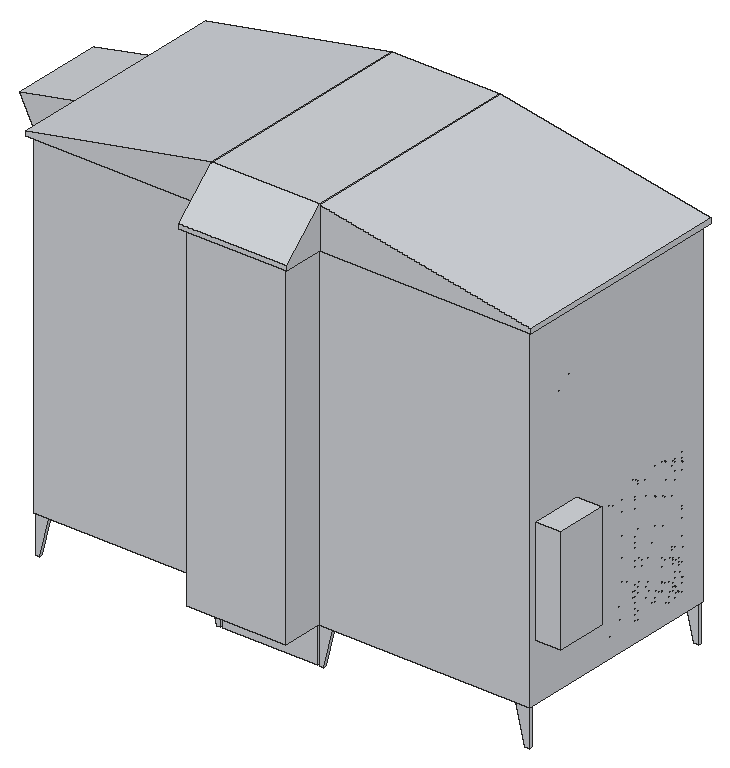
Revit family "AHU 6 _6", category Mechanické zařízení, Revit 2018
Family settings
  Kóta kulaté spojky = Použít průměr
  Typ dílu = Normální
  Číslo OmniClass = 23.75.00.00
  Nadpis OmniClass = Climate Control (HVAC)
  Založené na pracovní rovině = Ne
  Vždy vertikální = Ano
  Ořezat dutým tvarem při načtení = Ne
  Sdílené = Ne
  Bod výpočtu místnosti = Ne
Parameters (values of type "DUPLEXVENT 8000 Rotary-N")
  Width [instance] = 1.6 mm
  Weight [instance] = 1025.00 kg
  URL = ""
  Type [instance] = "DUPLEXVENT 8000 Rotary-N"
  Total_SFP [instance] = 0
  Supply_outlet_hum [instance] = 90
  Supply_inlet_hum [instance] = 90
  Supply_ext_pressure [instance] = 0.0 Pa
  Supply_SFP [instance] = 0
  Source_adu_file [instance] = ""
  Recuperation_type [instance] = "Rotation regeneration exchanger"
  Recuperation_efficiency_EN308 [instance] = 0
  Project_name [instance] = ""
  Project_date [instance] = "10.8.2023"
  Power_supply_fusing [instance] = "0"
  Power_supply_cable [instance] = "0"
  Position [instance] = "AHU 6 "
  Phases_count [instance] = 3
  Panel_thickness [instance] = 0.06 mm
  Outer_surface [instance] = "RAL 9002"
  Length [instance] = 2.665 mm
  Insulation_type [instance] = "PUR"
  Insulation_thickness [instance] = 0.05 mm
  Installation_environment [instance] = ""
  Input_power_max [instance] = 10400 W
  Inner_surface [instance] = "Pozink"
  I2 [instance] = I1  # 0.0 L/s
  Height [instance] = 1.82 mm
  Exhaust_outlet_hum [instance] = 40
  Exhaust_inlet_hum [instance] = 40
  Exhaust_ext_pressure [instance] = 0.0 Pa
  Exhaust_SFP [instance] = 0
  E1 [instance] = E2 - M1  # 0.0 L/s
  E2 [instance] = 0.0 L/s
  I1 [instance] = 0.0 L/s
  Description = ""
  M1 [instance] = 0.0 L/s
  Device_dutypoint_version [instance] = "0"
  Device_design_version [instance] = "10"
  Device_adu_id [instance] = "6"
  Current_max [instance] = 16.8 A
  Casing_mat [instance] = "painted zinc layer"
  Cable type [instance] = "CYKY 5Jx4"
Reference planes
  plane 1 "Střed (vpředu/vzadu)": y = 0
  plane 2 "ref": z = 0
  plane 3 "Střed (vlevo/vpravo)": x = 0
Forms (mm)
  Sweep 1, solid
    path origin (0, 0, 0) x (0, 0, 1) y (1, 0, 0)
      loop
        line (0, 0) -> (1820, 0)
    profile origin (0, 0, 0) x (1, 0, 0) y (0, 1, 0)
      loop
        line (0, 0) -> (1000, 0) -> (1000, 1160) -> (0, 1160) -> (0, 0)
  Sweep 2, solid
    path origin (0, 0, 0) x (0, 0, 1) y (1, 0, 0)
      loop
        line (0, 0) -> (1820, 0)
    profile origin (0, 0, 0) x (1, 0, 0) y (0, 1, 0)
      loop
        line (1000, -220) -> (1530, -220) -> (1530, 1380) -> (1000, 1380) -> (1000, -220)
  Sweep 3, solid
    path origin (0, 0, 0) x (0, 0, 1) y (1, 0, 0)
      loop
        line (0, 0) -> (1820, 0)
    profile origin (0, 0, 0) x (1, 0, 0) y (0, 1, 0)
      loop
        line (1530, 0) -> (2665, 0) -> (2665, 1160) -> (1530, 1160) -> (1530, 0)
  Sweep 4, solid
    path origin (1333, 1185, 910) x (1, 0, 0) y (0, 1, 0)
      loop
        line (0, 0) -> (0, -1210)
    profile origin (1333, 1185, 910) x (1, 0, 0) y (0, 0, 1)
      loop
        line (-1357, 910) -> (-357, 910) -> (-357, 1135) -> (-1357, 935) -> (-1357, 910)
  Sweep 5, solid
    path origin (975, 580, 910) x (1, 0, 0) y (0, 1, 0)
      loop
        line (0, 0) -> (580, 0)
    profile origin (975, 580, 910) x (0, 1, 0) y (0, 0, 1)
      loop
        line (-825, 910) -> (825, 910) -> (825, 935) -> (605, 1135) -> (-605, 1135) -> (-825, 935) -> (-825, 910)
  Sweep 6, solid
    path origin (1333, 1185, 910) x (1, 0, 0) y (0, 1, 0)
      loop
        line (0, 0) -> (0, -1210)
    profile origin (1333, 1185, 910) x (1, 0, 0) y (0, 0, 1)
      loop
        line (1357, 910) -> (1357, 935) -> (223, 1135) -> (223, 910) -> (1357, 910)
  Sweep 7, solid
    path origin (-250, 1030, 1375) x (1, 0, 0) y (0, 1, 0)
      loop
        line (0, 0) -> (0, -500)
    profile origin (-250, 1030, 1375) x (1, 0, 0) y (0, 0, 1)
      loop
        line (249, 350) -> (-250, 245) -> (50, -350) -> (250, -350) -> (249, 350)
  Sweep 8, solid
    path origin (0, 780, 1375) x (0, 1, 0) y (-1, 0, 0)
      loop
        line (0, 0) -> (0, 1)
    profile origin (0, 780, 1375) x (0, -1, 0) y (0, 0, 1)
      loop
        line (-250, -350) -> (250, -350) -> (250, 350) -> (-250, 350) -> (-250, -350)
  Sweep 9, solid
    path origin (2664, 580, 1370) x (1, 0, 0) y (0, 1, 0)
      loop
        line (0, 0) -> (1, 0)
    profile origin (2664, 580, 1370) x (0, 1, 0) y (0, 0, 1)
      loop
        line (-450, 355) -> (-450, -355) -> (450, -355) -> (450, 355) -> (-450, 355)
  Sweep 10, solid
    path origin (2664, 780, 445) x (1, 0, 0) y (0, 1, 0)
      loop
        line (0, 0) -> (1, 0)
    profile origin (2664, 780, 445) x (0, 1, 0) y (0, 0, 1)
      loop
        line (-250, 350) -> (-250, -350) -> (250, -350) -> (250, 350) -> (-250, 350)
  Sweep 11, solid
    path origin (245, 1159, 450) x (0, 1, 0) y (-1, 0, 0)
      loop
        line (0, 0) -> (1, 0)
    profile origin (245, 1159, 450) x (-1, 0, 0) y (0, 0, 1)
      loop
        line (150, -355) -> (150, 355) -> (-150, 355) -> (-150, -355) -> (150, -355)
  Sweep 12, solid
    path origin (17, 20, 0) x (1, 0, 0) y (0, 1, 0)
      loop
        line (0, 0) -> (0, -15)
    profile origin (17, 20, 0) x (1, 0, 0) y (0, 0, 1)
      loop
        line (-11, 0) -> (-11, -200) -> (11, -200) -> (60, 0) -> (-11, 0)
  Sweep 13, solid
    path origin (989, 20, 0) x (1, 0, 0) y (0, 1, 0)
      loop
        line (0, 0) -> (0, -15)
    profile origin (989, 20, 0) x (1, 0, 0) y (0, 0, 1)
      loop
        line (-60, 0) -> (-11, -200) -> (11, -200) -> (11, 0) -> (-60, 0)
  Sweep 14, solid
    path origin (17, 1155, 0) x (1, 0, 0) y (0, 1, 0)
      loop
        line (0, 0) -> (0, -15)
    profile origin (17, 1155, 0) x (1, 0, 0) y (0, 0, 1)
      loop
        line (-11, 0) -> (-11, -200) -> (11, -200) -> (60, 0) -> (-11, 0)
  Sweep 15, solid
    path origin (989, 1155, 0) x (1, 0, 0) y (0, 1, 0)
      loop
        line (0, 0) -> (0, -15)
    profile origin (989, 1155, 0) x (1, 0, 0) y (0, 0, 1)
      loop
        line (-60, 0) -> (-11, -200) -> (11, -200) -> (11, 0) -> (-60, 0)
  Sweep 16, solid
    path origin (1265, 66, 0) x (1, 0, 0) y (0, 1, 0)
      loop
        line (0, 0) -> (0, -58)
    profile origin (1265, 66, 0) x (1, 0, 0) y (0, 0, 1)
      loop
        line (-256, 0) -> (-256, -200) -> (256, -200) -> (256, 0) -> (-256, 0)
  Sweep 17, solid
    path origin (1265, 1153, 0) x (1, 0, 0) y (0, 1, 0)
      loop
        line (0, 0) -> (0, -58)
    profile origin (1265, 1153, 0) x (1, 0, 0) y (0, 0, 1)
      loop
        line (-256, 0) -> (-256, -200) -> (256, -200) -> (256, 0) -> (-256, 0)
  Sweep 18, solid
    path origin (1542, 20, 0) x (1, 0, 0) y (0, 1, 0)
      loop
        line (0, 0) -> (0, -15)
    profile origin (1542, 20, 0) x (1, 0, 0) y (0, 0, 1)
      loop
        line (-11, 0) -> (-11, -200) -> (11, -200) -> (60, 0) -> (-11, 0)
  Sweep 19, solid
    path origin (2648, 20, 0) x (1, 0, 0) y (0, 1, 0)
      loop
        line (0, 0) -> (0, -15)
    profile origin (2648, 20, 0) x (1, 0, 0) y (0, 0, 1)
      loop
        line (-60, 0) -> (-11, -200) -> (11, -200) -> (11, 0) -> (-60, 0)
  Sweep 20, solid
    path origin (1542, 1155, 0) x (1, 0, 0) y (0, 1, 0)
      loop
        line (0, 0) -> (0, -15)
    profile origin (1542, 1155, 0) x (1, 0, 0) y (0, 0, 1)
      loop
        line (-11, 0) -> (-11, -200) -> (11, -200) -> (60, 0) -> (-11, 0)
  Sweep 21, solid
    path origin (2648, 1155, 0) x (1, 0, 0) y (0, 1, 0)
      loop
        line (0, 0) -> (0, -15)
    profile origin (2648, 1155, 0) x (1, 0, 0) y (0, 0, 1)
      loop
        line (-60, 0) -> (-11, -200) -> (11, -200) -> (11, 0) -> (-60, 0)
  Sweep 22, solid
    path origin (0, 0, 310) x (0, 0, 1) y (1, 0, 0)
      loop
        line (0, 0) -> (570, 0)
    profile origin (0, 0, 310) x (1, 0, 0) y (0, 1, 0)
      loop
        line (2665, 35) -> (2805, 35) -> (2805, 310) -> (2665, 310) -> (2665, 35)
  Sweep 23, solid
    path origin (2735, 172, 310) x (0, -1, 0) y (0, 0, 1)
      loop
        line (0, 0) -> (0, -1)
    profile origin (2735, 172, 310) x (-1, 0, 0) y (0, -1, 0)
      loop
        circle (0, 0) r 10
Lines and regions (mm)
  model lines, style "Symbol"
    curve 1: line (1265, -220, 0) -> (1265, -220, 364)
    curve 2: line (1265, -220, 1820) -> (1265, -220, 1456)
    curve 3: line (1000, -220, 910) -> (1530, -220, 910)
    curve 4: line (0, 0, 910) -> (1000, 0, 910)
    curve 5: line (2665, 0, 910) -> (1530, 0, 910)
    curve 6: line (1053, -220, 91) -> (1053, -220, 1729)
    curve 7: line (1053, -220, 1729) -> (1477, -220, 1729)
    curve 8: line (1477, -220, 1729) -> (1477, -220, 91)
    curve 9: line (1477, -220, 91) -> (1053, -220, 91)
    curve 10: line (1053, -220, 910) -> (1477, -220, 910)
    curve 11: line (1429, -220, 740) -> (1412, -220, 582)
    curve 12: line (1412, -220, 582) -> (1385, -220, 447)
    curve 13: line (1385, -220, 447) -> (1350, -220, 343)
    curve 14: line (1350, -220, 343) -> (1309, -220, 277)
    curve 15: line (1309, -220, 277) -> (1265, -220, 255)
    curve 16: line (1265, -220, 255) -> (1221, -220, 277)
    curve 17: line (1221, -220, 277) -> (1180, -220, 343)
    curve 18: line (1180, -220, 343) -> (1145, -220, 447)
    curve 19: line (1145, -220, 447) -> (1118, -220, 582)
    curve 20: line (1118, -220, 582) -> (1101, -220, 740)
    curve 21: line (1101, -220, 740) -> (1095, -220, 910)
    curve 22: line (1095, -220, 910) -> (1101, -220, 1080)
    curve 23: line (1101, -220, 1080) -> (1118, -220, 1238)
    curve 24: line (1118, -220, 1238) -> (1145, -220, 1373)
    curve 25: line (1145, -220, 1373) -> (1180, -220, 1477)
    curve 26: line (1180, -220, 1477) -> (1221, -220, 1543)
    curve 27: line (1221, -220, 1543) -> (1265, -220, 1565)
    curve 28: line (1265, -220, 1565) -> (1309, -220, 1543)
    curve 29: line (1309, -220, 1543) -> (1350, -220, 1477)
    curve 30: line (1350, -220, 1477) -> (1385, -220, 1373)
    curve 31: line (1385, -220, 1373) -> (1412, -220, 1238)
    curve 32: line (1412, -220, 1238) -> (1429, -220, 1080)
    curve 33: line (1429, -220, 1080) -> (1369, -220, 1260)
    curve 34: line (1429, -220, 1080) -> (1437, -220, 1276)
    curve 35: line (2265, 0, 1495) -> (2556, 0, 1445)
    curve 36: line (2265, 0, 1235) -> (2556, 0, 1285)
    curve 37: line (400, 0, 325) -> (109, 0, 375)
    curve 38: line (400, 0, 585) -> (109, 0, 535)
    curve 39: line (320, 0, 1092) -> (320, 0, 1638)
    curve 40: line (320, 0, 1638) -> (480, 0, 1638)
    curve 41: line (480, 0, 1638) -> (480, 0, 1092)
    curve 42: line (480, 0, 1092) -> (320, 0, 1092)
    curve 43: line (400, 0, 1092) -> (480, 0, 1365)
    curve 44: line (400, 0, 1638) -> (480, 0, 1365)
    curve 45: line (2345, 0, 728) -> (2345, 0, 182)
    curve 46: line (2345, 0, 182) -> (2185, 0, 182)
    curve 47: line (2185, 0, 182) -> (2185, 0, 728)
    curve 48: line (2185, 0, 728) -> (2345, 0, 728)
    curve 49: line (2265, 0, 728) -> (2185, 0, 455)
    curve 50: line (2265, 0, 182) -> (2185, 0, 455)
    curve 51: line (0, -1820, 0) -> (0, -220, 0)
    curve 52: line (2665, -1820, 0) -> (2665, -220, 0)
    curve 53: line (0, -1820, 0) -> (2665, -1820, 0)
    curve 54: line (0, -1820, 1820) -> (0, -220, 1820)
    curve 55: line (2665, -1820, 1820) -> (2665, -220, 1820)
    curve 56: line (0, -1820, 1820) -> (2665, -1820, 1820)
    curve 57: line (0, -1820, 0) -> (0, -1820, 1820)
    curve 58: line (2665, -1820, 0) -> (2665, -1820, 1820)
    curve 59: line (0, -1820, 1620) -> (200, -1820, 1820)
    curve 60: line (0, -1820, 1420) -> (400, -1820, 1820)
    curve 61: line (0, -1820, 1220) -> (600, -1820, 1820)
    curve 62: line (0, -1820, 1020) -> (800, -1820, 1820)
    curve 63: line (0, -1820, 820) -> (1000, -1820, 1820)
    curve 64: line (0, -1820, 620) -> (1200, -1820, 1820)
    curve 65: line (0, -1820, 420) -> (1400, -1820, 1820)
    curve 66: line (0, -1820, 220) -> (1600, -1820, 1820)
    curve 67: line (0, -1820, 20) -> (1800, -1820, 1820)
    curve 68: line (180, -1820, 0) -> (2000, -1820, 1820)
    curve 69: line (380, -1820, 0) -> (2200, -1820, 1820)
    curve 70: line (580, -1820, 0) -> (2400, -1820, 1820)
    curve 71: line (780, -1820, 0) -> (2600, -1820, 1820)
    curve 72: line (980, -1820, 0) -> (2665, -1820, 1685)
    curve 73: line (1180, -1820, 0) -> (2665, -1820, 1485)
    curve 74: line (1380, -1820, 0) -> (2665, -1820, 1285)
    curve 75: line (1580, -1820, 0) -> (2665, -1820, 1085)
    curve 76: line (1780, -1820, 0) -> (2665, -1820, 885)
    curve 77: line (1980, -1820, 0) -> (2665, -1820, 685)
    curve 78: line (2180, -1820, 0) -> (2665, -1820, 485)
    curve 79: line (2380, -1820, 0) -> (2665, -1820, 285)
    curve 80: line (2580, -1820, 0) -> (2665, -1820, 85)
    curve 81: line (2665, -1820, 1620) -> (2665, -1620, 1820)
    curve 82: line (2665, -1820, 1420) -> (2665, -1420, 1820)
    curve 83: line (2665, -1820, 1220) -> (2665, -1220, 1820)
    curve 84: line (2665, -1820, 1020) -> (2665, -1020, 1820)
    curve 85: line (2665, -1820, 820) -> (2665, -820, 1820)
    curve 86: line (2665, -1820, 620) -> (2665, -620, 1820)
    curve 87: line (2665, -1820, 420) -> (2665, -420, 1820)
    curve 88: line (2665, -1820, 220) -> (2665, -220, 1820)
    curve 89: line (2665, -1820, 20) -> (2665, -220, 1620)
    curve 90: line (2665, -1640, 0) -> (2665, -220, 1420)
    curve 91: line (2665, -1440, 0) -> (2665, -220, 1220)
    curve 92: line (2665, -1240, 0) -> (2665, -220, 1020)
    curve 93: line (2665, -1040, 0) -> (2665, -220, 820)
    curve 94: line (2665, -840, 0) -> (2665, -220, 620)
    curve 95: line (2665, -640, 0) -> (2665, -220, 420)
    curve 96: line (2665, -440, 0) -> (2665, -220, 220)
    curve 97: line (2665, -240, 0) -> (2665, -220, 20)
    curve 98: line (0, -1620, 1820) -> (200, -1820, 1820)
    curve 99: line (0, -1420, 1820) -> (400, -1820, 1820)
    curve 100: line (0, -1220, 1820) -> (600, -1820, 1820)
    curve 101: line (0, -1020, 1820) -> (800, -1820, 1820)
    curve 102: line (0, -820, 1820) -> (1000, -1820, 1820)
    curve 103: line (0, -620, 1820) -> (1200, -1820, 1820)
    curve 104: line (0, -420, 1820) -> (1400, -1820, 1820)
    curve 105: line (0, -220, 1820) -> (1600, -1820, 1820)
    curve 106: line (200, -220, 1820) -> (1800, -1820, 1820)
    curve 107: line (400, -220, 1820) -> (2000, -1820, 1820)
    curve 108: line (600, -220, 1820) -> (2200, -1820, 1820)
    curve 109: line (800, -220, 1820) -> (2400, -1820, 1820)
    curve 110: line (1000, -220, 1820) -> (2600, -1820, 1820)
    curve 111: line (1200, -220, 1820) -> (2665, -1685, 1820)
    curve 112: line (1400, -220, 1820) -> (2665, -1485, 1820)
    curve 113: line (1600, -220, 1820) -> (2665, -1285, 1820)
    curve 114: line (1800, -220, 1820) -> (2665, -1085, 1820)
    curve 115: line (2000, -220, 1820) -> (2665, -885, 1820)
    curve 116: line (2200, -220, 1820) -> (2665, -685, 1820)
    curve 117: line (2400, -220, 1820) -> (2665, -485, 1820)
    curve 118: line (2600, -220, 1820) -> (2665, -285, 1820)
    curve 119: line (3405, 0, 0) -> (2665, 0, 0)
    curve 120: line (3405, 1160, 0) -> (2665, 1160, 0)
    curve 121: line (3405, 0, 0) -> (3405, 1160, 0)
    curve 122: line (3405, 0, 1820) -> (2665, 0, 1820)
    curve 123: line (3405, 1160, 1820) -> (2665, 1160, 1820)
    curve 124: line (3405, 0, 1820) -> (3405, 1160, 1820)
    curve 125: line (3405, 0, 0) -> (3405, 0, 1820)
    curve 126: line (3405, 1160, 0) -> (3405, 1160, 1820)
    curve 127: line (3405, 0, 1620) -> (3405, 200, 1820)
    curve 128: line (3405, 0, 1420) -> (3405, 400, 1820)
    curve 129: line (3405, 0, 1220) -> (3405, 600, 1820)
    curve 130: line (3405, 0, 1020) -> (3405, 800, 1820)
    curve 131: line (3405, 0, 820) -> (3405, 1000, 1820)
    curve 132: line (3405, 0, 620) -> (3405, 1160, 1780)
    curve 133: line (3405, 0, 420) -> (3405, 1160, 1580)
    curve 134: line (3405, 0, 220) -> (3405, 1160, 1380)
    curve 135: line (3405, 0, 20) -> (3405, 1160, 1180)
    curve 136: line (3405, 180, 0) -> (3405, 1160, 980)
    curve 137: line (3405, 380, 0) -> (3405, 1160, 780)
    curve 138: line (3405, 580, 0) -> (3405, 1160, 580)
    curve 139: line (3405, 780, 0) -> (3405, 1160, 380)
    curve 140: line (3405, 980, 0) -> (3405, 1160, 180)
    curve 141: line (3405, 1160, 1620) -> (3205, 1160, 1820)
    curve 142: line (3405, 1160, 1420) -> (3005, 1160, 1820)
    curve 143: line (3405, 1160, 1220) -> (2805, 1160, 1820)
    curve 144: line (3405, 1160, 1020) -> (2665, 1160, 1760)
    curve 145: line (3405, 1160, 820) -> (2665, 1160, 1560)
    curve 146: line (3405, 1160, 620) -> (2665, 1160, 1360)
    curve 147: line (3405, 1160, 420) -> (2665, 1160, 1160)
    curve 148: line (3405, 1160, 220) -> (2665, 1160, 960)
    curve 149: line (3405, 1160, 20) -> (2665, 1160, 760)
    curve 150: line (3225, 1160, 0) -> (2665, 1160, 560)
    curve 151: line (3025, 1160, 0) -> (2665, 1160, 360)
    curve 152: line (2825, 1160, 0) -> (2665, 1160, 160)
    curve 153: line (3205, 0, 1820) -> (3405, 200, 1820)
    curve 154: line (3005, 0, 1820) -> (3405, 400, 1820)
    curve 155: line (2805, 0, 1820) -> (3405, 600, 1820)
    curve 156: line (2665, 60, 1820) -> (3405, 800, 1820)
    curve 157: line (2665, 260, 1820) -> (3405, 1000, 1820)
    curve 158: line (2665, 460, 1820) -> (3365, 1160, 1820)
    curve 159: line (2665, 660, 1820) -> (3165, 1160, 1820)
    curve 160: line (2665, 860, 1820) -> (2965, 1160, 1820)
    curve 161: line (2665, 1060, 1820) -> (2765, 1160, 1820)
    curve 162: line (0, 0, 2420) -> (0, 0, 1820)
    curve 163: line (2665, 0, 2420) -> (2665, 0, 1820)
    curve 164: line (0, 0, 2420) -> (2665, 0, 2420)
    curve 165: line (0, 1160, 2420) -> (0, 1160, 1820)
    curve 166: line (2665, 1160, 2420) -> (2665, 1160, 1820)
    curve 167: line (0, 1160, 2420) -> (2665, 1160, 2420)
    curve 168: line (0, 0, 2420) -> (0, 1160, 2420)
    curve 169: line (2665, 0, 2420) -> (2665, 1160, 2420)
    curve 170: line (0, 960, 2420) -> (200, 1160, 2420)
    curve 171: line (0, 760, 2420) -> (400, 1160, 2420)
    curve 172: line (0, 560, 2420) -> (600, 1160, 2420)
    curve 173: line (0, 360, 2420) -> (800, 1160, 2420)
    curve 174: line (0, 160, 2420) -> (1000, 1160, 2420)
    curve 175: line (40, 0, 2420) -> (1200, 1160, 2420)
    curve 176: line (240, 0, 2420) -> (1400, 1160, 2420)
    curve 177: line (440, 0, 2420) -> (1600, 1160, 2420)
    curve 178: line (640, 0, 2420) -> (1800, 1160, 2420)
    curve 179: line (840, 0, 2420) -> (2000, 1160, 2420)
    curve 180: line (1040, 0, 2420) -> (2200, 1160, 2420)
    curve 181: line (1240, 0, 2420) -> (2400, 1160, 2420)
    curve 182: line (1440, 0, 2420) -> (2600, 1160, 2420)
    curve 183: line (1640, 0, 2420) -> (2665, 1025, 2420)
    curve 184: line (1840, 0, 2420) -> (2665, 825, 2420)
    curve 185: line (2040, 0, 2420) -> (2665, 625, 2420)
    curve 186: line (2240, 0, 2420) -> (2665, 425, 2420)
    curve 187: line (2440, 0, 2420) -> (2665, 225, 2420)
    curve 188: line (2640, 0, 2420) -> (2665, 25, 2420)
    curve 189: line (2665, 960, 2420) -> (2665, 1160, 2220)
    curve 190: line (2665, 760, 2420) -> (2665, 1160, 2020)
    curve 191: line (2665, 560, 2420) -> (2665, 1160, 1820)
    curve 192: line (2665, 360, 2420) -> (2665, 960, 1820)
    curve 193: line (2665, 160, 2420) -> (2665, 760, 1820)
    curve 194: line (2665, 0, 2380) -> (2665, 560, 1820)
    curve 195: line (2665, 0, 2180) -> (2665, 360, 1820)
    curve 196: line (2665, 0, 1980) -> (2665, 160, 1820)
    curve 197: line (0, 1160, 2220) -> (200, 1160, 2420)
    curve 198: line (0, 1160, 2020) -> (400, 1160, 2420)
    curve 199: line (0, 1160, 1820) -> (600, 1160, 2420)
    curve 200: line (200, 1160, 1820) -> (800, 1160, 2420)
    curve 201: line (400, 1160, 1820) -> (1000, 1160, 2420)
    curve 202: line (600, 1160, 1820) -> (1200, 1160, 2420)
    curve 203: line (800, 1160, 1820) -> (1400, 1160, 2420)
    curve 204: line (1000, 1160, 1820) -> (1600, 1160, 2420)
    curve 205: line (1200, 1160, 1820) -> (1800, 1160, 2420)
    curve 206: line (1400, 1160, 1820) -> (2000, 1160, 2420)
    curve 207: line (1600, 1160, 1820) -> (2200, 1160, 2420)
    curve 208: line (1800, 1160, 1820) -> (2400, 1160, 2420)
    curve 209: line (2000, 1160, 1820) -> (2600, 1160, 2420)
    curve 210: line (2200, 1160, 1820) -> (2665, 1160, 2285)
    curve 211: line (2400, 1160, 1820) -> (2665, 1160, 2085)
    curve 212: line (2600, 1160, 1820) -> (2665, 1160, 1885)
    curve 213: circle (2392, 0, 1365) r 182 normal (0, -1, 0)
    curve 214: circle (273, 0, 455) r 182 normal (0, -1, 0)
Dimensions and locks
  aligned and locked: level to plane 2 "ref"
Connectors
  hvac at (-1, 780, 1375), driven by "E1"
    settings: on Sweep 8, index 1, duct flow 0.0 L/s, flow factor 0, pres drop 0.0 Pa, loss coef 0, conn angle 0.00°, conn width 10 mm, conn height 10 mm, conn diameter 609.6 mm, duct sys type 1, conn prof type 1, flow config 1, flow direction 1, loss method 0, conn ref index -1, conn util no, is conn primary yes, conn desc ""
  hvac at (2665, 580, 1370), driven by "E2"
    settings: on Sweep 9, index 2, duct flow 0.0 L/s, flow factor 1, pres drop 0.0 Pa, loss coef 0, conn angle 0.00°, conn width 900 mm, conn height 710 mm, conn diameter 609.6 mm, duct sys type 1, conn prof type 1, flow config 2, flow direction 2, loss method 0, conn ref index -1, conn util no, is conn primary no, conn desc ""
  hvac at (2665, 780, 445), driven by "I1"
    settings: on Sweep 10, index 3, duct flow 0.0 L/s, flow factor 1, pres drop 0.0 Pa, loss coef 0, conn angle 0.00°, conn width 500 mm, conn height 700 mm, conn diameter 609.6 mm, duct sys type 3, conn prof type 1, flow config 2, flow direction 1, loss method 0, conn ref index -1, conn util no, is conn primary no, conn desc ""
  hvac at (245, 1160, 450), driven by "I2"
    settings: on Sweep 11, index 4, duct flow 0.0 L/s, flow factor 0, pres drop 0.0 Pa, loss coef 0, conn angle 0.00°, conn width 300 mm, conn height 710 mm, conn diameter 609.6 mm, duct sys type 3, conn prof type 1, flow config 1, flow direction 2, loss method 0, conn ref index -1, conn util no, is conn primary no, conn desc ""
  electrical at (2735, 172, 309)
    settings: on Sweep 23, index 5, voltage 400 V, apparent load 0 VA, apparent load phase1 0 VA, apparent load phase2 0 VA, apparent load phase3 0 VA, power factor 1, load classification "Další", number of poles 3, system type 31, power factor state 1, is connector primary yes, connector utility no, sub classification motor no, connector description ""
